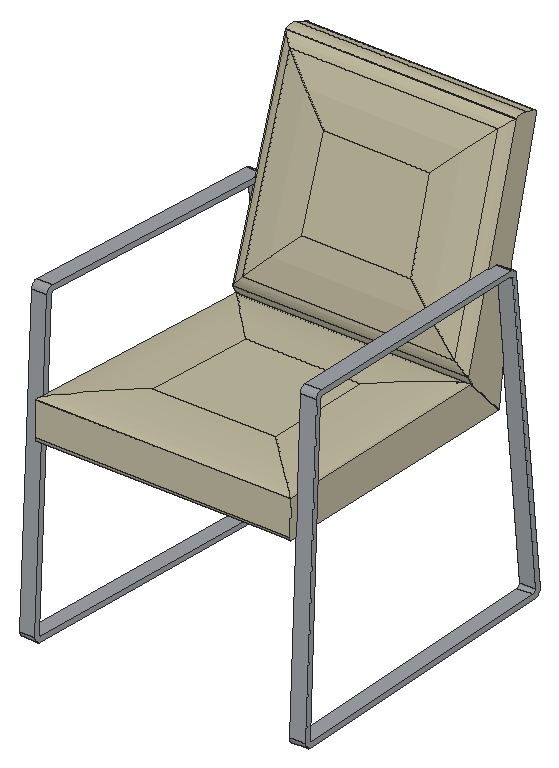
Revit family
Parameters
  URL = "http://www.martinbrattrud.com"
  SCS Certified Product = "Yes"
  Model = "Serif 530-05"
  Manufacturer = "Martin Brattrud, Inc."
  Keynote = "125000"
  Copyright = "© 2013 Martin Brattrud, Inc."
  Chair [instance] = none
  Arms [instance] = none
  Authoring Version = "Revit Architecture 2010"
  Assembly Code = "E2020200"
Reference planes (in)
  plane 1 "Center Front/Back": y = 0
  plane 2: z = 0
  plane 3 "Center Left/Right": x = 0
Forms (in)
  Extrusion 1, solid, material <- "Arms"
    sketch origin (-9.66533, -0.49622, 0) x (0.039229, 0.99923, 0) y (0, 0, 1)
      loop
        arc (-10.05684, 24.62173) -> (-10.23342, 24.55483) -> (-10.31285, 24.38351) r 0.25
        line (-10.31285, 24.38351) -> (-11.42596, 0.63671)
        arc (-11.42596, 0.63671) -> (-11.3571, 0.45241) -> (-11.17623, 0.375) r 0.25
        line (-11.17623, 0.375) -> (12.05449, 0.375)
        arc (12.05449, 0.375) -> (12.24028, 0.45772) -> (12.30312, 0.65113) r 0.25
        line (12.30312, 0.65113) -> (9.85926, 23.90299)
        arc (9.85926, 23.90299) -> (9.78023, 24.06052) -> (9.61691, 24.12678) r 0.25
        line (9.61691, 24.12678) -> (-10.05684, 24.62173)
      loop
        arc (-10.16969, 24.99968) -> (-10.52286, 24.86589) -> (-10.68171, 24.52325) r 0.5
        line (-10.68171, 24.52325) -> (-11.80668, 0.52341)
        arc (-11.80668, 0.52341) -> (-11.66896, 0.15482) -> (-11.30723, 0) r 0.5
        line (-11.30723, 0) -> (12.19332, 0)
        arc (12.19332, 0) -> (12.56489, 0.16543) -> (12.69058, 0.55226) r 0.5
        line (12.69058, 0.55226) -> (10.22073, 24.05132)
        arc (10.22073, 24.05132) -> (10.06268, 24.36639) -> (9.73604, 24.4989) r 0.5
        line (9.73604, 24.4989) -> (-10.16969, 24.99968)
    from 0 to -1.25
  Extrusion 2, solid, material <- "Chair"
    sketch origin (0, 0, 0) x (0, 1, 0) y (0, 0, 1)
      loop
        arc (9.59345, 14.00175) -> (10.87894, 23.82476) -> (13.45421, 33.39096) r 74.6287
        arc (13.45421, 33.39096) -> (13.43946, 33.58415) -> (13.2911, 33.70878) r 0.25
        line (13.2911, 33.70878) -> (12.52483, 33.94647)
        arc (12.52483, 33.94647) -> (12.00329, 34.01183) -> (11.49123, 33.89325) r 1.5
        line (11.49123, 33.89325) -> (6.46242, 17.68152)
        arc (6.46242, 17.68152) -> (6.69486, 17.23463) -> (7.00127, 16.83481) r 2.89411
        line (7.00127, 16.83481) -> (9.59345, 14.00175)
    from -10 to 10
  Extrusion 3, solid, material <- "Chair"
    sketch origin (0, 0, 0) x (0, 1, 0) y (0, 0, 1)
      loop
        line (9.59493, 14.00013) -> (7.00127, 16.83481)
        arc (7.00127, 16.83481) -> (6.86784, 16.96125) -> (6.7178, 17.06746) r 1.29081
        line (6.7178, 17.06746) -> (-12.20488, 17.50498) -> (-12.26845, 14.75571)
        arc (-12.26845, 14.75571) -> (-12.19933, 14.57729) -> (-12.0243, 14.5) r 0.25
        line (-12.0243, 14.5) -> (9.59493, 14.00013)
    from -11 to 11
  Extrusion 4, void
    sketch origin (0, 0, 0) x (1, 0, 0) y (0, 1, 0)
      loop
        line (-9.03734, 15.49981) -> (-12.72484, 15.49981) -> (-12.72484, -14.50019) -> (-10.21511, -14.50019) -> (-9.03734, 15.49981)
    from 11.68736 to 36.07094
  Extrusion 5, void
    sketch origin (0, 0, 0) x (-1, 0, 0) y (0, -1, 0)
      loop
        line (-9.03734, -15.49981) -> (-10.21511, 14.50019) -> (-12.72484, 14.50019) -> (-12.72484, -15.49981) -> (-9.03734, -15.49981)
    from 11.68736 to 36.07094
  Sweep 6, solid, material <- "Chair"
    path in 3D
      loop
        line (-10.125, -12.20488, 17.50498) -> (-9.38211, 6.7178, 17.06746) -> (9.38211, 6.7178, 17.06746) -> (10.125, -12.20488, 17.50498) -> (-10.125, -12.20488, 17.50498)
    profile origin (0, -12.20488, 17.50498) x (0, -0.023115, -0.999733) y (0, -0.999733, 0.023115)
      loop
        line (-0.5, -7.25) -> (0, -7.25) -> (0, -0.01563)
        spline (0, -0.01563) -> (-0.06526, -0.05827) -> (-0.12941, -0.18546) -> (-0.19134, -0.39504) -> (-0.25, -0.6834) -> (-0.30438, -1.04563) -> (-0.35355, -1.47551) -> (-0.39668, -1.9657) -> (-0.43301, -2.50781) -> (-0.46194, -3.09256) -> (-0.48296, -3.70995) -> (-0.49572, -4.34941) -> (-0.5, -5)
        line (-0.5, -5) -> (-0.5, -7.25)
  Extrusion 7, solid, material <- "Chair"
    sketch origin (0, 0.398, 17.21358) x (0, 0.999733, -0.023115) y (-1, 0, 0)
      loop
        line (-0.92851, 2.41108) -> (-5.35625, 2.58487) -> (-5.35625, -2.58487) -> (-0.92851, -2.41108) -> (-0.92851, 2.41108)
    from 0 to 0.5
  Sweep 8, solid, material <- "Chair"
    path in 3D
      loop
        line (-9.19471, 11.49123, 33.89325) -> (-9.39214, 6.46242, 17.68152) -> (9.39214, 6.46242, 17.68152) -> (9.19471, 11.49123, 33.89325) -> (-9.19471, 11.49123, 33.89325)
    profile origin (0, 11.49123, 33.89325) x (0, -0.296269, -0.955105) y (0, -0.955105, 0.296269)
      loop
        arc (0.90486, 0.49377) -> (0.42959, 0.30744) -> (0.02207, 0) r 1.878
        line (0.02207, 0) -> (5.63199, 0) -> (5.63199, 0.98437) -> (5.02019, 0.98437)
        arc (5.02019, 0.98437) -> (2.94795, 0.86129) -> (0.90486, 0.49377) r 17.50554
  Extrusion 9, solid, material <- "Chair"
    sketch origin (0, 0.89188, -0.27666) x (0, -0.296269, -0.955105) y (-1, 0, 0)
      loop
        line (-30.14411, -3.62785) -> (-24.43431, -3.69426) -> (-24.43431, 3.69426) -> (-30.14411, 3.62785) -> (-30.14411, -3.62785)
    from 0 to -0.98438
  Extrusion 10, solid, material <- "Arms"
    sketch origin (9.66533, -0.49622, 0) x (-0.039229, 0.99923, 0) y (0, 0, -1)
      loop
        line (-10.05684, -24.62173) -> (9.61691, -24.12678)
        arc (9.61691, -24.12678) -> (9.78023, -24.06052) -> (9.85926, -23.90299) r 0.25
        line (9.85926, -23.90299) -> (12.30312, -0.65113)
        arc (12.30312, -0.65113) -> (12.24028, -0.45772) -> (12.05449, -0.375) r 0.25
        line (12.05449, -0.375) -> (-11.17623, -0.375)
        arc (-11.17623, -0.375) -> (-11.3571, -0.45241) -> (-11.42596, -0.63671) r 0.25
        line (-11.42596, -0.63671) -> (-10.31285, -24.38351)
        arc (-10.31285, -24.38351) -> (-10.23342, -24.55483) -> (-10.05684, -24.62173) r 0.25
      loop
        line (-10.16969, -24.99968) -> (9.73604, -24.4989)
        arc (9.73604, -24.4989) -> (10.06268, -24.36639) -> (10.22073, -24.05132) r 0.5
        line (10.22073, -24.05132) -> (12.69058, -0.55226)
        arc (12.69058, -0.55226) -> (12.56489, -0.16543) -> (12.19332, 0) r 0.5
        line (12.19332, 0) -> (-11.30723, 0)
        arc (-11.30723, 0) -> (-11.66896, -0.15482) -> (-11.80668, -0.52341) r 0.5
        line (-11.80668, -0.52341) -> (-10.68171, -24.52325)
        arc (-10.68171, -24.52325) -> (-10.52286, -24.86589) -> (-10.16969, -24.99968) r 0.5
    from 0 to -1.25
Cuts and joins
  Extrusion 4, Extrusion 5 cuts Extrusion 3
  Extrusion 4, Extrusion 5 cuts Extrusion 2
  joined: Sweep 6, Extrusion 7
  joined: Sweep 8, Extrusion 9
Lines and regions (in)
  sketch lines
    curve 1: line (10.125, -12.20488, 17.50498) -> (-10.125, -12.20488, 17.50498)
    curve 2: line (-9.38211, 6.7178, 17.06746) -> (-10.125, -12.20488, 17.50498)
    curve 3: line (9.38211, 6.7178, 17.06746) -> (-9.38211, 6.7178, 17.06746)
    curve 4: line (10.125, -12.20488, 17.50498) -> (9.38211, 6.7178, 17.06746)
    curve 5: line (9.19471, 11.49123, 33.89325) -> (-9.19471, 11.49123, 33.89325)
    curve 6: line (9.39214, 6.46242, 17.68152) -> (9.19471, 11.49123, 33.89325)
    curve 7: line (9.39214, 6.46242, 17.68152) -> (-9.39214, 6.46242, 17.68152)
    curve 8: line (-9.19471, 11.49123, 33.89325) -> (-9.39214, 6.46242, 17.68152)
Dimensions and locks (in)
  aligned and locked: Extrusion 7 sketch curve to Sweep 6
